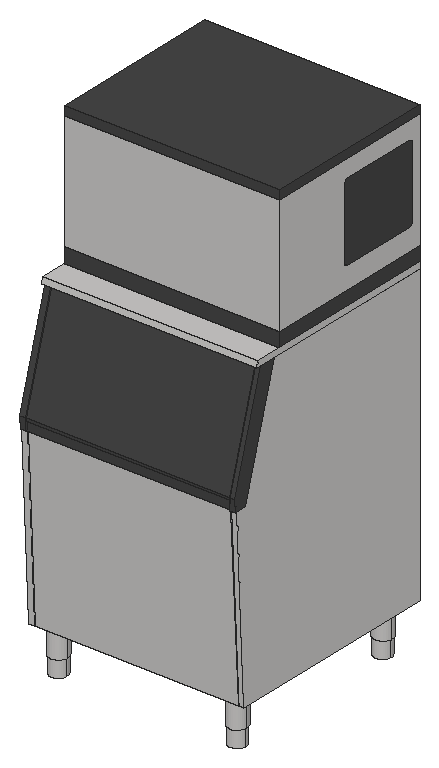
Revit family "QF_ZANUSSI_730296_IHD220M230SNP", category Specialty Equipment, Revit 2023
Family settings
  Round Connector Dimension = Use Diameter
  Part Type = Normal
  Work Plane-Based = No
  Enable Cutting in Views = No
  Always vertical = Yes
  Cut with Voids When Loaded = No
  Maintain Annotation Orientation = No
  Shared = No
  Room Calculation Point = No
Parameters (values of type "Standard")
  Weight = 85.00 kg
  Watts = 0 W
  Volts = 220 V
  URL Manufacturer = "http://www.zanussiprofessional.com"
  URL = "http://www.zanussiprofessional.com"
  Steam Supply Size = 0 mm
  Steam Supply Minimum Pressure = 0.0 Pa
  Steam Supply Maximum Pressure = 0.0 Pa
  Steam Pounds per Hour = 0
  Show Logo [instance] = yes
  Show Clearance [instance] = yes
  Refrigeration Suction Line Size = 0 mm
  Refrigeration Liquid Line Size = 0 mm
  Refrigerant Compressor Remote = yes
  Manufacturer = "Zanussi"
  Phase = 1
  Model = "IHD220M230SNP"
  Length Actual = 762 mm
  Item Number = "730296"
  Hot Water Size = 0 mm
  Height Actual = 1676 mm
  HP = "2.1 HP"
  Gas Size = 0 mm
  Gas KW = 0
  Gas Input Pressure = 0 W
  Description = "AIR COOLED HALF DICE ICE 220KG/24H-BIN 230KG MODULAR"
  Depth Actual = 819 mm
  Default Elevation = 0 mm
  Cycle = 50 Hz
  Condensate Return Size = 0 mm
  Compressed Air Volume = 0.0 L/s
  Compressed Air Size = 0 mm
  Compressed Air Pressure = 0.0 Pa
  Cold Water Size = 19.05 mm
  Accessory = no
Reference planes
  plane 1 "Center X": y = 237.851
  plane 2: z = 0
  plane 3 "Center Y": x = -378
  plane 4 "LEFT": x = -759
  plane 5 "BACK": y = 647.351
  plane 6 "RIGHT": x = 3
  plane 7 "FRONT": y = -171.649
  plane 8 "TOP": z = 1231
  plane 9: x = -739
  plane 10: x = -17
  plane 11: z = 155
  plane 12: z = 1211
  plane 13: z = 1131
  plane 14: y = -171.649
  plane 15: x = 3
  plane 16: x = -759
  plane 17: z = 1731
  plane 18: z = 1363.566
  plane 19 "2": y = 667.351
  plane 20 "3": y = 27.351
Forms (mm)
  Extrusion 1, solid, material "QF_Finishes_Stainless Steel"
    sketch origin (-238.119, 667.851, 1599.653) x (0, 0, -1) y (-1, 0, 0)
      loop
        circle (302.153, -206.619) r 10
    from -20.5 to -0.5
  Extrusion 2, solid, material "QF_Finishes_Stainless Steel"
    sketch origin (3, 0, 0) x (0, 1, 0) y (0, 0, 1)
      loop
        line (-70.746, 1231) -> (-75.305, 1211) -> (647.351, 1211) -> (647.351, 1231) -> (-70.746, 1231)
    from -762 to 0
  Extrusion 3, solid, material "QF_Finishes_Stainless Steel"
    sketch origin (3, 0, -220) x (0, 1, 0) y (0, 0, 1)
      loop
        line (2.761, 1431) -> (-125.203, 1012.449) -> (-163.117, 1012.449) -> (-130.122, 375) -> (647.351, 375) -> (647.351, 1431) -> (2.761, 1431)
    from -742 to -20
  Extrusion 4, solid, material "QF_Finishes_Black"
    sketch origin (3, -38.052, -220) x (0, 1, 0) y (0, 0, 1)
      loop
        line (-131.963, 1053.167) -> (-131.595, 1046.139) -> (-129.537, 1046.139) -> (-127.771, 1012.449) -> (-87.151, 1012.449) -> (40.813, 1431) -> (-16.448, 1431) -> (-131.963, 1053.167)
    from -742 to -20
  Extrusion 5, solid, material "QF_Finishes_Black"
    sketch origin (3, -38.052, -220) x (0, 1, 0) y (0, 0, 1)
      loop
        line (-131.963, 1053.167) -> (-129.829, 1012.449) -> (-87.151, 1012.449) -> (40.813, 1431) -> (-16.448, 1431) -> (-131.963, 1053.167)
    from -762 to -742
  Extrusion 6, solid, material "QF_Finishes_Black"
    sketch origin (3, -38.052, -220) x (0, 1, 0) y (0, 0, 1)
      loop
        line (-131.963, 1053.167) -> (-129.829, 1012.449) -> (-87.151, 1012.449) -> (40.813, 1431) -> (-16.448, 1431) -> (-131.963, 1053.167)
    from -20 to 0
  Extrusion 7, solid, material "QF_Finishes_Stainless Steel"
    sketch origin (3, 0, -220) x (0, 1, 0) y (0, 0, 1)
      loop
        line (2.761, 1431) -> (-125.203, 1012.449) -> (-163.117, 1012.449) -> (-130.122, 375) -> (647.351, 375) -> (647.351, 1431) -> (2.761, 1431)
    from -20 to 0
  Extrusion 8, solid, material "QF_Finishes_Stainless Steel"
    sketch origin (3, 0, -220) x (0, 1, 0) y (0, 0, 1)
      loop
        line (2.761, 1431) -> (-125.203, 1012.449) -> (-163.117, 1012.449) -> (-130.122, 375) -> (647.351, 375) -> (647.351, 1431) -> (2.761, 1431)
    from -762 to -742
  Extrusion 9, solid, material "QF_Finishes_Stainless Steel"
    sketch origin (3, 0, 440) x (0, 1, 0) y (0, 0, 1)
      loop
        line (27.351, 1260.349) -> (27.351, 842.501) -> (647.351, 842.501) -> (647.351, 1260.349) -> (27.351, 1260.349)
    from -762 to 0
  Extrusion 10, solid, material "QF_Finishes_Black"
    sketch origin (3, 0, 395) x (0, 1, 0) y (0, 0, 1)
      loop
        line (27.351, 887.501) -> (27.351, 836) -> (647.351, 836) -> (647.351, 887.501) -> (27.351, 887.501)
    from -762 to 0
  Extrusion 11, solid, material "QF_Finishes_Black"
    sketch origin (3, 0, 1015) x (0, 1, 0) y (0, 0, 1)
      loop
        line (27.351, 716) -> (27.351, 685.349) -> (647.351, 685.349) -> (647.351, 716) -> (27.351, 716)
    from -762 to 0
  Extrusion 12, solid, material "QF_Finishes_Stainless Steel"
    sketch origin (-1202.264, 667.851, 1627.261) x (0, 0, -1) y (-1, 0, 0)
      loop
        circle (302.153, -468.619) r 12.5
    from -20.5 to -0.5
  Extrusion 13, solid, material "QF_Finishes_Stainless Steel"
    sketch origin (-1199.841, 667.851, 1316.063) x (0, 0, -1) y (-1, 0, 0)
      loop
        circle (-158.388, -468.619) r 10
    from -20.5 to -0.5
  Extrusion 14, solid
    sketch origin (1774.352, 532.849, 0) x (1, 0, 0) y (0, 1, 0)
      loop
        circle (-2152.352, -35.499) r 10
    from 91.501 to 155
  Extrusion 15, solid, material "QF_Finishes_Black"
    sketch origin (-668.378, 757.228, 75) x (1, 0, 0) y (0, 0, -1)
      loop
        arc (275.378, -1625.349) -> (285.984, -1620.956) -> (290.378, -1610.349) r 15
        line (290.378, -1610.349) -> (290.378, -1222.501)
        arc (290.378, -1222.501) -> (285.984, -1211.894) -> (275.378, -1207.501) r 15
        line (275.378, -1207.501) -> (-25.622, -1207.501)
        arc (-25.622, -1207.501) -> (-36.229, -1211.894) -> (-40.622, -1222.501) r 15
        line (-40.622, -1222.501) -> (-40.622, -1610.349)
        arc (-40.622, -1610.349) -> (-36.229, -1620.956) -> (-25.622, -1625.349) r 15
        line (-25.622, -1625.349) -> (275.378, -1625.349)
    from -109.877 to -107.877
  Extrusion 16, solid, material "QF_Finishes_Black"
    sketch origin (-759, 55.351, 75) x (0, 1, 0) y (0, 0, -1)
      loop
        arc (542, -1563.566) -> (552.607, -1559.172) -> (557, -1548.566) r 15
        line (557, -1548.566) -> (557, -1303.566)
        arc (557, -1303.566) -> (552.607, -1292.959) -> (542, -1288.566) r 15
        line (542, -1288.566) -> (272, -1288.566)
        arc (272, -1288.566) -> (261.393, -1292.959) -> (257, -1303.566) r 15
        line (257, -1303.566) -> (257, -1548.566)
        arc (257, -1548.566) -> (261.393, -1559.172) -> (272, -1563.566) r 15
        line (272, -1563.566) -> (542, -1563.566)
    from 0 to 2
  Extrusion 17, solid, material "QF_Finishes_Black"
    sketch origin (3, 55.351, 75) x (0, 1, 0) y (0, 0, 1)
      loop
        line (542, 1563.566) -> (272, 1563.566)
        arc (272, 1563.566) -> (261.393, 1559.172) -> (257, 1548.566) r 15
        line (257, 1548.566) -> (257, 1303.566)
        arc (257, 1303.566) -> (261.393, 1292.959) -> (272, 1288.566) r 15
        line (272, 1288.566) -> (542, 1288.566)
        arc (542, 1288.566) -> (552.607, 1292.959) -> (557, 1303.566) r 15
        line (557, 1303.566) -> (557, 1548.566)
        arc (557, 1548.566) -> (552.607, 1559.172) -> (542, 1563.566) r 15
    from 0 to 2
Lines and regions (mm)
  symbolic lines
    curve 1: line (-759, 647.351, 0) -> (3, 647.351, 0)
    curve 2: line (-759, -171.649, 0) -> (-759, 647.351, 0)
    curve 3: line (3, -171.649, 0) -> (-759, -171.649, 0)
    curve 4: line (3, 647.351, 0) -> (3, -171.649, 0)
    curve 5: line (-759, 647.351, 100) -> (3, 647.351, 100)
    curve 6: line (-759, -171.649, 100) -> (-759, 647.351, 100)
    curve 7: line (3, 647.351, 100) -> (3, -171.649, 100)
    curve 8: line (-759, -171.649, 100) -> (3, -171.649, 100)
    curve 9: line (-759, 27.351, 100) -> (3, 27.351, 100)
    curve 10: line (-759, -75.305, 100) -> (3, -75.305, 100)
Dimensions and locks
  equal spacing: plane 4 "LEFT", plane 3 "Center Y", plane 6 "RIGHT"
  "Length Actual": plane 4 "LEFT" to plane 6 "RIGHT"
  "Depth Actual": plane 5 "BACK" to plane 7 "FRONT"
  equal spacing: plane 5 "BACK", plane 1 "Center X", plane 7 "FRONT"
  plane 8 "TOP" to plane 2 = 1231 mm
  locked: plane 4 "LEFT" to plane 9 at 20
  locked: plane 10 to plane 6 "RIGHT" at 20
  plane 11 to plane 2 = 155 mm
  locked: plane 8 "TOP" to plane 12 at 20
  locked: plane 12 to plane 13 at 80
  plane 7 "FRONT" to plane 14 = 0 mm
  plane 7 "FRONT" to plane 5 "BACK" = 819 mm
  plane 14 to plane 19 "2" = 839 mm
  plane 11 to Extrusion 7 = 1056 mm
  plane 15 to plane 3 "Center Y" to plane 16 = 381 mm, 381 mm
  equal spacing: plane 16, plane 3 "Center Y", plane 15
  plane 15 to plane 16 = 762 mm
  plane 17 to level = 1731 mm
  plane 8 "TOP" to level = 1231 mm
  plane 17 to plane 8 "TOP" = 500 mm
  Extrusion 9 to plane 5 "BACK" = 620 mm
  plane 20 "3" to plane 5 "BACK" = 620 mm
  nested 4 to plane 3 "Center Y" to nested 1 = 317 mm, 316.899 mm
  aligned and locked: level to plane 2
  aligned and locked: plane 15 to Extrusion 9
  aligned and locked: plane 15 to Extrusion 10
  aligned and locked: Extrusion 11 to plane 16
  aligned and locked: Extrusion 9 to plane 16
  aligned and locked: Extrusion 10 to plane 16
  aligned and locked: plane 5 "BACK" to Extrusion 11
  aligned and locked: plane 5 "BACK" to Extrusion 9
  aligned and locked: Extrusion 9 to plane 20 "3"
Automatic sketch dimensions
  Extrusion 1 sketch curve to plane 10 = 14.5 mm
  plane 18 to Extrusion 1 sketch curve = 66.066 mm
  plane 9 to Extrusion 12 sketch curve = 5.355 mm
  plane 18 to Extrusion 12 sketch curve = 38.458 mm
  plane 9 to Extrusion 13 sketch curve = 7.778 mm
  Extrusion 13 sketch curve to plane 18 = 110.886 mm
  Extrusion 15 sketch curve to plane 3 "Center Y" = 0 mm
  Extrusion 15 sketch curve to Extrusion 15 sketch curve = 15 mm  (x2)
  Extrusion 15 sketch curve to plane 3 "Center Y" = 15 mm
  plane 9 to Extrusion 15 sketch curve = 45 mm  (x2)
  Extrusion 15 sketch curve to plane 17 = 30.651 mm
  plane 18 to Extrusion 15 sketch curve = 66.065 mm
  curve 3 to plane 4 "LEFT" = 0 mm
  curve 3 to plane 6 "RIGHT" = 0 mm
  curve 3 to plane 7 "FRONT" = 0 mm
  curve 2 to plane 5 "BACK" = 0 mm
  Extrusion 2 sketch curve to plane 12 = 0 mm
  Extrusion 2 sketch curve to plane 8 "TOP" = 0 mm
  Extrusion 2 sketch curve to plane 5 "BACK" = 0 mm
  Extrusion 2 sketch curve to plane 20 "3" = 98.097 mm
  Extrusion 2 sketch curve to Extrusion 2 sketch curve = 4.56 mm
  Extrusion 3 sketch curve to plane 11 = 0 mm
  Extrusion 3 sketch curve to plane 12 = 0 mm
  Extrusion 3 sketch curve to plane 5 "BACK" = 0 mm
  Extrusion 3 sketch curve to plane 20 "3" = 24.59 mm
  plane 7 "FRONT" to Extrusion 3 sketch curve = 46.446 mm
  plane 7 "FRONT" to Extrusion 3 sketch curve = 41.528 mm
  plane 7 "FRONT" to Extrusion 3 sketch curve = 8.532 mm
  Extrusion 3 sketch curve to plane 13 = 338.551 mm
  Extrusion 4 sketch curve to plane 12 = 0 mm
  plane 7 "FRONT" to Extrusion 4 sketch curve = 1.634 mm
  plane 7 "FRONT" to Extrusion 4 sketch curve = 2.003 mm
  Extrusion 4 sketch curve to Extrusion 4 sketch curve = 2.058 mm
  plane 7 "FRONT" to Extrusion 4 sketch curve = 5.827 mm
  Extrusion 4 sketch curve to Extrusion 4 sketch curve = 40.62 mm
  Extrusion 4 sketch curve to plane 20 "3" = 81.851 mm
  Extrusion 4 sketch curve to plane 20 "3" = 24.59 mm
  Extrusion 4 sketch curve to plane 13 = 297.833 mm
  Extrusion 4 sketch curve to Extrusion 4 sketch curve = 7.027 mm
  Extrusion 4 sketch curve to Extrusion 4 sketch curve = 33.691 mm
  Extrusion 5 sketch curve to plane 12 = 0 mm
  plane 7 "FRONT" to Extrusion 5 sketch curve = 1.634 mm
  plane 7 "FRONT" to Extrusion 5 sketch curve = 3.768 mm
  Extrusion 5 sketch curve to Extrusion 5 sketch curve = 42.678 mm
  Extrusion 5 sketch curve to plane 20 "3" = 81.851 mm
  Extrusion 5 sketch curve to plane 20 "3" = 24.59 mm
  Extrusion 5 sketch curve to plane 13 = 297.833 mm
  Extrusion 5 sketch curve to Extrusion 5 sketch curve = 40.718 mm
  Extrusion 6 sketch curve to plane 12 = 0 mm
  plane 7 "FRONT" to Extrusion 6 sketch curve = 1.634 mm
  plane 7 "FRONT" to Extrusion 6 sketch curve = 3.768 mm
  Extrusion 6 sketch curve to Extrusion 6 sketch curve = 42.678 mm
  Extrusion 6 sketch curve to plane 20 "3" = 81.851 mm
  Extrusion 6 sketch curve to plane 20 "3" = 24.59 mm
  Extrusion 6 sketch curve to plane 13 = 297.833 mm
  Extrusion 6 sketch curve to Extrusion 6 sketch curve = 40.718 mm
  Extrusion 7 sketch curve to plane 11 = 0 mm
  Extrusion 7 sketch curve to plane 12 = 0 mm
  Extrusion 7 sketch curve to plane 5 "BACK" = 0 mm
  Extrusion 7 sketch curve to plane 20 "3" = 24.59 mm
  plane 7 "FRONT" to Extrusion 7 sketch curve = 46.446 mm
  plane 7 "FRONT" to Extrusion 7 sketch curve = 41.528 mm
  plane 7 "FRONT" to Extrusion 7 sketch curve = 8.532 mm
  Extrusion 7 sketch curve to plane 13 = 338.551 mm
  Extrusion 8 sketch curve to plane 11 = 0 mm
  Extrusion 8 sketch curve to plane 12 = 0 mm
  Extrusion 8 sketch curve to plane 5 "BACK" = 0 mm
  Extrusion 8 sketch curve to plane 20 "3" = 24.59 mm
  plane 7 "FRONT" to Extrusion 8 sketch curve = 46.446 mm
  plane 7 "FRONT" to Extrusion 8 sketch curve = 41.528 mm
  plane 7 "FRONT" to Extrusion 8 sketch curve = 8.532 mm
  Extrusion 8 sketch curve to plane 13 = 338.551 mm
  Extrusion 9 sketch curve to plane 20 "3" = 0 mm
  Extrusion 9 sketch curve to plane 5 "BACK" = 0 mm
  plane 8 "TOP" to Extrusion 9 sketch curve = 51.501 mm
  Extrusion 9 sketch curve to plane 17 = 30.651 mm
  Extrusion 10 sketch curve to plane 8 "TOP" = 0 mm
  Extrusion 10 sketch curve to plane 20 "3" = 0 mm
  Extrusion 10 sketch curve to plane 5 "BACK" = 0 mm
  plane 8 "TOP" to Extrusion 10 sketch curve = 51.501 mm
  Extrusion 11 sketch curve to plane 20 "3" = 0 mm
  Extrusion 11 sketch curve to plane 5 "BACK" = 0 mm
  Extrusion 11 sketch curve to plane 17 = 0 mm
  Extrusion 11 sketch curve to plane 17 = 30.651 mm
  Extrusion 14 sketch curve to plane 3 "Center Y" = 0 mm
  Extrusion 14 sketch curve to plane 5 "BACK" = 150 mm
  plane 18 to Extrusion 16 sketch curve = 0 mm
  Extrusion 16 sketch curve to plane 18 = 15 mm
  Extrusion 16 sketch curve to plane 1 "Center X" = 74.5 mm
  Extrusion 16 sketch curve to Extrusion 16 sketch curve = 15 mm  (x2)
  Extrusion 16 sketch curve to plane 5 "BACK" = 50 mm  (x2)
  Extrusion 16 sketch curve to plane 17 = 107.434 mm
  plane 18 to Extrusion 17 sketch curve = 0 mm
  Extrusion 17 sketch curve to plane 18 = 15 mm
  Extrusion 17 sketch curve to plane 1 "Center X" = 74.5 mm
  Extrusion 17 sketch curve to Extrusion 17 sketch curve = 15 mm  (x2)
  Extrusion 17 sketch curve to plane 5 "BACK" = 50 mm  (x2)
  Extrusion 17 sketch curve to plane 17 = 107.434 mm
  plane 5 "BACK" to curve 5 = 0 mm
  plane 7 "FRONT" to curve 8 = 0 mm
  plane 20 "3" to curve 9 = 0 mm
  plane 6 "RIGHT" to curve 5 = 0 mm
  curve 7 to curve 6 = 762 mm
  curve 10 to curve 7 = 96.344 mm
  radius of Extrusion 1 sketch curve = 10 mm
  radius of Extrusion 12 sketch curve = 12.5 mm
  radius of Extrusion 13 sketch curve = 10 mm
  radius of Extrusion 14 sketch curve = 10 mm
Nested families
  nested 1: "Foot_Complete" at (-694.899, -79.392, 0), type "Foot_Complete"
  nested 2: "Foot_Complete" at (-694.899, 564.718, 0), type "Foot_Complete"
  nested 3: "Foot_Complete" at (-61, 564.718, 0), type "Foot_Complete"
  nested 4: "Foot_Complete" at (-61, -79.392, 0), type "Foot_Complete"
Connectors
  electrical at (-31.5, 667.351, 1297.5), driven by "Volts"
    settings: on Extrusion 1, index 1, voltage 220 V, apparent load 0 VA, apparent load phase1 0 VA, apparent load phase2 0 VA, apparent load phase3 0 VA, power factor 1, load classification "Altro", number of poles 1, system type 30, power factor state 1, is connector primary yes, connector utility no, sub classification motor no, connector description "Electrical Connection"
  piping at (-733.645, 667.351, 1325.107), diameter 25
    settings: on Extrusion 12, index 6, connector inside diameter 609.6 mm, connector length 0 mm, flow factor 0, pipe flow 0.0 L/s, pressure drop 0.0 Pa, fitting loss kfactor 0, connector angle 0.00°, fixture units 0, engagement length 0 mm, angle of deflection 0.00°, flow configuration 0, flow direction 2, fitting loss method 0, system type 16, joint type 0, gender type 0, connector reference index -1, connector utility 0, adjustable connector no, is connector primary yes, connector description "Drain"
  piping at (-731.222, 667.351, 1474.451), diameter 20
    settings: on Extrusion 13, index 7, connector inside diameter 609.6 mm, connector length 0 mm, flow factor 0, pipe flow 0.0 L/s, pressure drop 0.0 Pa, fitting loss kfactor 0, connector angle 0.00°, fixture units 0, engagement length 0 mm, angle of deflection 0.00°, flow configuration 0, flow direction 1, fitting loss method 0, system type 20, joint type 0, gender type 0, connector reference index -1, connector utility 0, adjustable connector no, is connector primary no, connector description "Water Inlet"
  piping at (-378, 497.351, 91.501), diameter 20
    settings: on Extrusion 14, index 8, connector inside diameter 609.6 mm, connector length 0 mm, flow factor 0, pipe flow 0.0 L/s, pressure drop 0.0 Pa, fitting loss kfactor 0, connector angle 0.00°, fixture units 0, engagement length 0 mm, angle of deflection 0.00°, flow configuration 0, flow direction 2, fitting loss method 0, system type 16, joint type 0, gender type 0, connector reference index -1, connector utility 0, adjustable connector no, is connector primary no, connector description "Drain"
Definition of nested family "Foot_Complete"
  Parameters (values of type "Foot_Complete")
    R = 33 mm
    H = 155 mm
    Default Elevation = 0 mm
  Reference planes
    plane 1 "Centro (Fronte/Retro)": y = 0
    plane 2: z = 0
    plane 3 "Centro (Sinistra/Destra)": x = 0
    plane 4: z = 155
  Forms (mm)
    Revolve 1, solid
      sketch origin (255.05, 0, 608.09) x (0, 0, 1) y (-1, 0, 0)
        loop
          line (-608.09, 252.05) -> (-608.09, 225.05) -> (-548.09, 225.05) -> (-548.09, 222.05) -> (-453.09, 222.05) -> (-453.09, 252.05) -> (-608.09, 252.05)
        axis (-608.09, 255.05) -> (-453.09, 255.05)
      angle from 0 to 360
  Dimensions and locks
    level to Revolve 1 sketch curve = 60 mm
    "R": Revolve 1 sketch curve to plane 3 "Centro (Sinistra/Destra)"
    "H": plane 4 to level
    locked: Revolve 1 sketch curve to Revolve 1 sketch curve at 3
    aligned and locked: level to plane 2
    aligned and locked: plane 4 to Revolve 1 sketch curve
    aligned and locked: Revolve 1 sketch curve to level
  Automatic sketch dimensions
    Revolve 1 sketch curve to plane 3 "Centro (Sinistra/Destra)" = 0 mm
    plane 3 "Centro (Sinistra/Destra)" to Revolve 1 sketch curve = 3 mm
    plane 4 to Revolve 1 sketch curve = 50 mm
    Revolve 1 sketch curve to Revolve 1 sketch curve = 20 mm
